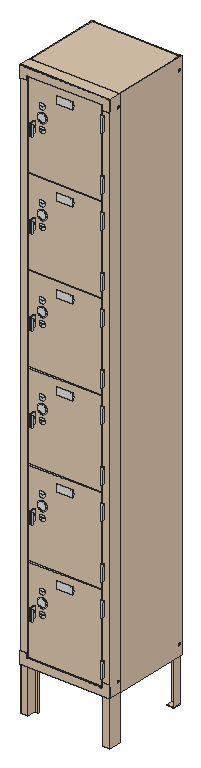
Revit family "Metal_Vented_Lockers-Salsbury_Industries-75000_76000_Series-1_Wide_Units", category Specialty Equipment, Revit 2024 (continued)
Definition of nested family "Metal Locker Legs"
  Forms (in)
    Extrusion 1, solid, material <- "Primary Structure Material", visible <- "Visible"
      sketch origin (0, 0, 0) x (0, -1, 0) y (1, 0, 0)
        loop
          line (7.417, 6.0035) -> (7.417, 5.9435) -> (8.945, 5.9435) -> (8.945, 5.0635) -> (7.76, 5.0635) -> (7.76, 4.5635) -> (7.82, 4.5635) -> (7.82, 5.0035) -> (9.005, 5.0035) -> (9.005, 6.0035) -> (7.417, 6.0035)
      from 0 to 6
    Extrusion 2, solid, material <- "Primary Structure Material", visible <- "Visible"
      sketch origin (0, 0, 0) x (0, -1, 0) y (1, 0, 0)
        loop
          line (7.417, -6.0035) -> (9.005, -6.0035) -> (9.005, -5.0035) -> (7.82, -5.0035) -> (7.82, -4.5635) -> (7.76, -4.5635) -> (7.76, -5.0635) -> (8.945, -5.0635) -> (8.945, -5.9435) -> (7.417, -5.9435) -> (7.417, -6.0035)
      from 0 to 6
    Extrusion 3, solid, material <- "Primary Structure Material", visible <- "Visible"
      sketch origin (0, 0, 0) x (0, -1, 0) y (1, 0, 0)
        loop
          line (-8.895, 5.8835) -> (-8.895, 4.8835) -> (-8.835, 4.8835) -> (-8.835, 5.8235) -> (-7.895, 5.8235) -> (-7.895, 5.8835) -> (-8.895, 5.8835)
      from 0.06 to 6.185
    Extrusion 4, solid, material <- "Primary Structure Material", visible <- "Visible"
      sketch origin (0, 0, 0) x (0, -1, 0) y (1, 0, 0)
        loop
          line (-8.895, 5.8835) -> (-8.895, 4.8835) -> (-7.895, 4.8835) -> (-7.895, 5.8835) -> (-8.895, 5.8835)
      from 0 to 0.06
    Extrusion 5, solid, material <- "Primary Structure Material", visible <- "Visible"
      sketch origin (0, 0, 0) x (0, -1, 0) y (1, 0, 0)
        loop
          line (-8.895, -5.8835) -> (-7.895, -5.8835) -> (-7.895, -5.8235) -> (-8.835, -5.8235) -> (-8.835, -4.8835) -> (-8.895, -4.8835) -> (-8.895, -5.8835)
      from 0.06 to 6.185
    Extrusion 6, solid, material <- "Primary Structure Material", visible <- "Visible"
      sketch origin (0, 0, 0) x (0, -1, 0) y (1, 0, 0)
        loop
          line (-8.895, -5.8835) -> (-7.895, -5.8835) -> (-7.895, -4.8835) -> (-8.895, -4.8835) -> (-8.895, -5.8835)
      from 0 to 0.06
  Dimensions and locks (in)
    equal spacing: plane 6 "Left Side of Unit", plane 3 "Center (Left/Right)", plane 7 "Right Side of Unit"
    "Width": plane 6 "Left Side of Unit" to plane 7 "Right Side of Unit"
    "Height": plane 5 "Bottom of Unit" to plane 4 "Floor"
    equal spacing: plane 9 "Front of Unit", plane 1 "Center (Front/Back)", plane 8 "Back of Unit"
    "Depth": plane 9 "Front of Unit" to plane 8 "Back of Unit"
    plane 12 "Top of back legs" to plane 5 "Bottom of Unit" = 0.185"
    plane 6 "Left Side of Unit" to plane 11 "Left Side of Door Opening" = 1.000"
    plane 10 "Right Side of Door Opening" to plane 7 "Right Side of Unit" = 1.000"
    locked: plane 9 "Front of Unit" to plane 13 "Back Edge of Front Facing" at 1.588
    plane 11 "Left Side of Door Opening" to plane 14 "Inside Edge of Front Leg" = 0.440"
    plane 15 "Inside Edge of Right Leg" to plane 10 "Right Side of Door Opening" = 0.440"
    plane 9 "Front of Unit" to plane 16 = 1.185"
    plane 15 "Inside Edge of Right Leg" to plane 21 "Inside Edge or Rear Right Leg" to plane 10 "Right Side of Door Opening" to plane 18 "Right Edge of Rear Right Leg" to plane 7 "Right Side of Unit" = 0.320", 0.120", 0.880", 0.120"
    plane 6 "Left Side of Unit" to plane 19 "Left Edge or Rear Left Leg" to plane 11 "Left Side of Door Opening" to plane 22 "Inside Edge or Left Rear Leg" to plane 14 "Inside Edge of Front Leg" = 0.120", 0.880", 0.120", 0.320"
    plane 20 to plane 17 "Back Edge of Rear Legs" to plane 8 "Back of Unit" = 1.000", 0.110"
    aligned and locked: level to plane 2
    aligned and locked: Extrusion 3 to Extrusion 4
    aligned and locked: Extrusion 6 to Extrusion 5
    aligned and locked: Extrusion 3 to plane 18 "Right Edge of Rear Right Leg"
    aligned and locked: Extrusion 3 to plane 17 "Back Edge of Rear Legs"
    aligned and locked: Extrusion 5 to plane 19 "Left Edge or Rear Left Leg"
    aligned and locked: Extrusion 5 to plane 17 "Back Edge of Rear Legs"
    aligned and locked: Extrusion 2 to plane 5 "Bottom of Unit"
    aligned and locked: Extrusion 1 to plane 5 "Bottom of Unit"
    aligned and locked: Extrusion 3 to plane 12 "Top of back legs"
    aligned and locked: Extrusion 5 to plane 12 "Top of back legs"
  Automatic sketch dimensions
    plane 13 "Back Edge of Front Facing" to Extrusion 1 sketch curve = 0.000"
    Extrusion 1 sketch curve to plane 15 "Inside Edge of Right Leg" = 0.000"
    plane 16 to Extrusion 1 sketch curve = 0.000"
    Extrusion 1 sketch curve to plane 7 "Right Side of Unit" = 0.000"
    plane 9 "Front of Unit" to Extrusion 1 sketch curve = 0.000"
    Extrusion 1 sketch curve to plane 10 "Right Side of Door Opening" = 0.000"
    Extrusion 1 sketch curve to plane 16 = 0.060"
    Extrusion 1 sketch curve to plane 9 "Front of Unit" = 0.060"
    Extrusion 1 sketch curve to plane 10 "Right Side of Door Opening" = 0.060"
    plane 7 "Right Side of Unit" to Extrusion 1 sketch curve = 0.060"
    plane 13 "Back Edge of Front Facing" to Extrusion 2 sketch curve = 0.000"
    Extrusion 2 sketch curve to plane 14 "Inside Edge of Front Leg" = 0.000"
    plane 16 to Extrusion 2 sketch curve = 0.000"
    Extrusion 2 sketch curve to plane 6 "Left Side of Unit" = 0.000"
    plane 9 "Front of Unit" to Extrusion 2 sketch curve = 0.000"
    Extrusion 2 sketch curve to plane 11 "Left Side of Door Opening" = 0.000"
    plane 16 to Extrusion 2 sketch curve = 0.060"
    plane 9 "Front of Unit" to Extrusion 2 sketch curve = 0.060"
    Extrusion 2 sketch curve to plane 11 "Left Side of Door Opening" = 0.060"
    plane 6 "Left Side of Unit" to Extrusion 2 sketch curve = 0.060"
    plane 17 "Back Edge of Rear Legs" to Extrusion 3 sketch curve = 0.000"
    Extrusion 3 sketch curve to plane 21 "Inside Edge or Rear Right Leg" = 0.000"
    Extrusion 3 sketch curve to plane 18 "Right Edge of Rear Right Leg" = 0.000"
    plane 20 to Extrusion 3 sketch curve = 0.000"
    plane 17 "Back Edge of Rear Legs" to Extrusion 3 sketch curve = 0.060"
    plane 18 "Right Edge of Rear Right Leg" to Extrusion 3 sketch curve = 0.060"
    plane 17 "Back Edge of Rear Legs" to Extrusion 4 sketch curve = 0.000"
    Extrusion 4 sketch curve to plane 18 "Right Edge of Rear Right Leg" = 0.000"
    plane 20 to Extrusion 4 sketch curve = 0.000"
    Extrusion 4 sketch curve to plane 21 "Inside Edge or Rear Right Leg" = 0.000"
    plane 17 "Back Edge of Rear Legs" to Extrusion 5 sketch curve = 0.000"
    Extrusion 5 sketch curve to plane 22 "Inside Edge or Left Rear Leg" = 0.000"
    Extrusion 5 sketch curve to plane 19 "Left Edge or Rear Left Leg" = 0.000"
    plane 20 to Extrusion 5 sketch curve = 0.000"
    Extrusion 5 sketch curve to plane 17 "Back Edge of Rear Legs" = 0.060"
    Extrusion 5 sketch curve to plane 19 "Left Edge or Rear Left Leg" = 0.060"
    plane 17 "Back Edge of Rear Legs" to Extrusion 6 sketch curve = 0.000"
    Extrusion 6 sketch curve to plane 19 "Left Edge or Rear Left Leg" = 0.000"
    plane 20 to Extrusion 6 sketch curve = 0.000"
    Extrusion 6 sketch curve to plane 22 "Inside Edge or Left Rear Leg" = 0.000"
Definition of nested family "Vented Metal Locker Doors-12 inch with Latch Hasps"
  Parameters (values of type "Four Tier Door - 6 foot")
    Width = 9.901"
    Visible = yes
    Vent Array Spacing = 1.187"
    Vent Array 2 = if(Height = 17.360", 10, if(Height = 14.360", 8, if(Height = 11.532", 6, if(Height = 11.463", 6, 0))))  # 10
    Vent Array 1 = Vent Array 2  # 10
    Primary Structure Material = none
    Louver Set Vertical Alignment = 5.710"
    Number Plate Alignment = 0.9375"
    Louver Width = 4.000"
    Hinge 2 Placement = 14.142"
    Hinge 1 Placement = 1.125"
    Height = 17.360"
    Hasp Plate Rivet Material = none
    Hasp Height = 1.438"
    First Vent Placement = 2.875"
    Depth = 0.900"
    Default Elevation = 0.000"
  Types (4): name | Vent Array 2 | Vent Array 1 | Louver Set Vertical Alignment | Hinge 2 Placement | Height | First Vent Placement
    Six Tier Door - 6 foot | 6 | 6 | 2.731" | 8.449" | 11.532" | 2.3925"
    Five Tier Door - 5 foot | 6 | 6 | 2.826" | 8.188" | 11.463" | 2.3925"
    Four Tier Door - 6 foot | 10 | 10 | 5.710" | 14.142" | 17.360" | 2.875"
    Four Tier Door - 5 foot | 8 | 8 | 4.240" | 11.142" | 14.360" | 2.625"
  Reference planes (in)
    plane 1 "Center (Front/Back)": y = 0
    plane 2 "Bottom of Door": z = 0
    plane 3 "Center (Left/Right)": x = 0
    plane 4 "Center (Top/Bottom)": z = 8.68
    plane 5 "Top of Door": z = 17.36
    plane 6 "Right Side of Door": x = 4.9505
    plane 7 "Left Side of Door": x = -4.9505
    plane 8 "Front of Door": y = -0.45
    plane 9 "Back of Door": y = 0.45
    plane 10 "Top of Number Plate": z = 16.4225
    plane 11 "Top of Hasp Alignment": z = 9.399
    plane 12 "Bottom of Hasp Alignment": z = 7.961
    plane 13 "Left Side of Louvers": x = -2
    plane 14 "Right Side of Louvers": x = 2
    plane 15 "Front of Louvers": y = -0.6375
    plane 16: x = -1.094
    plane 17: x = 1.094
    plane 18: z = 15.4225
    plane 19 "Center Hasp": x = -1.7755
    plane 20 "Top of Hinge 2": z = 3.218
    plane 21 "Top of Hinge 1": z = 16.235
    plane 22 "Left Hasp Hole Align": x = -4.263
    plane 23 "Right Hasp Hole Align": x = -4.013
    plane 24 "Center Hasp Stud Align": z = 10.09841
    plane 25 "Top Hasp Stud Align": z = 11.51682
    plane 26 "Vertical Hasp Stud Align": x = -3.076
    plane 27 "Vertical Center Hasp Align": x = -4.13777
    plane 28: z = 2.875
    plane 29: z = 3.46558
    plane 30: z = 4.062
    plane 31: z = 4.65258
  Forms (in)
    Extrusion 1, solid, material <- "Primary Structure Material", visible <- "Visible"
      sketch origin (0, 0, 0) x (1, 0, 0) y (0, 0, 1)
        loop
          line (-4.9505, 17.36) -> (-4.9505, 0) -> (4.9505, 0) -> (4.9505, 17.36) -> (-4.9505, 17.36)
      from -0.45 to 0.45
    Extrusion 2, solid, material <- "Hasp Plate Rivet Material", visible <- "Visible", detail levels medium+fine
      sketch origin (0, -0.45, 0) x (1, 0, 0) y (0, 0, 1)
        loop
          arc (-1.06847, 16.38695) -> (-1.10166, 15.92421) -> (-1.06847, 15.46147) r 3.2426
          arc (-1.06847, 15.46147) -> (0, 15.42272) -> (1.06847, 15.46147) r 14.75
          arc (1.06847, 15.46147) -> (1.10166, 15.92421) -> (1.06847, 16.38695) r 3.2426
          arc (1.06847, 16.38695) -> (0, 16.41487) -> (-1.06847, 16.38695) r 20.45441
      from 0 to 0.03497
    Extrusion 3, void
      sketch origin (-1.7755, -0.13281, 0.04687) x (0, 0, -1) y (0, -1, 0)
        loop
          circle (-8.35677, -0.16411) r 0.2
      from -0.163 to 0.163
    Extrusion 4, solid, material <- "Primary Structure Material", visible <- "Visible", detail levels medium+fine
      sketch origin (0, 0, 16.235) x (0, -1, 0) y (1, 0, 0)
        loop
          line (0.45, 4.9505) -> (0.575, 4.9505)
          arc (0.575, 4.9505) -> (0.7, 5.0755) -> (0.575, 5.2005) r 0.125
          line (0.575, 5.2005) -> (0.45, 5.2005) -> (0.45, 4.9505)
      from 0 to -2
    Extrusion 5, solid, material <- "Primary Structure Material", visible <- "Visible", detail levels medium+fine
      sketch origin (0, 0, 3.218) x (0, -1, 0) y (1, 0, 0)
        loop
          line (0.45, 4.9505) -> (0.575, 4.9505)
          arc (0.575, 4.9505) -> (0.7, 5.0755) -> (0.575, 5.2005) r 0.125
          line (0.575, 5.2005) -> (0.45, 5.2005) -> (0.45, 4.9505)
      from 0 to -2
    Extrusion 6, void
      sketch origin (0, -0.45, 0) x (1, 0, 0) y (0, 0, 1)
        loop
          line (-4.263, 9.399) -> (-4.263, 7.961) -> (-4.013, 7.961) -> (-4.013, 9.399) -> (-4.263, 9.399)
      from -0.9 to 0
    Blend 7, solid, material <- "Hasp Plate Rivet Material", visible <- "Visible", detail levels fine
      base sketch origin (0, -0.45, 0) x (1, 0, 0) y (0, 0, 1)
        loop
          circle (-3.076, 8.68) r 0.375
      top sketch origin (0, -0.45, 0) x (1, 0, 0) y (0, 0, 1)
        loop
          circle (-3.076, 8.68) r 0.09706
      from 0 to 0.03497
    Blend 8, solid, material <- "Hasp Plate Rivet Material", visible <- "Visible", detail levels fine
      base sketch origin (0, -0.45, 2.83682) x (1, 0, 0) y (0, 0, 1)
        loop
          circle (-3.076, 8.68) r 0.375
      top sketch origin (0, -0.45, 2.83682) x (1, 0, 0) y (0, 0, 1)
        loop
          circle (-3.076, 8.68) r 0.09706
      from 0 to 0.03497
    Blend 9, solid, material <- "Hasp Plate Rivet Material", visible <- "Visible", detail levels fine
      base sketch origin (0, -0.45, -0.16841) x (1, 0, 0) y (0, 0, 1)
        loop
          circle (-3.076, 10.26682) r 0.625
      top sketch origin (0, -0.45, -0.16841) x (1, 0, 0) y (0, 0, 1)
        loop
          circle (-3.076, 10.26682) r 0.58088
      from 0 to 0.03497
    Extrusion 10, solid, material <- "Hasp Plate Rivet Material", visible <- "Visible", detail levels fine
      sketch origin (0, 0, 7.961) x (0, -1, 0) y (1, 0, 0)
        loop
          line (-0.45, -4.07527) -> (-0.45, -4.13777) -> (1.2, -4.13777)
          arc (1.2, -4.13777) -> (1.24419, -4.11946) -> (1.2625, -4.07527) r 0.0625
          line (1.2625, -4.07527) -> (1.2625, -3.76277) -> (1.20579, -3.76277) -> (1.20579, -4.0127)
          arc (1.20579, -4.0127) -> (1.18746, -4.05694) -> (1.14322, -4.07527) r 0.06257
          line (1.14322, -4.07527) -> (-0.45, -4.07527)
      from 0 to 1.438
    Extrusion 11, solid, material <- "Hasp Plate Rivet Material", visible <- "Visible", detail levels fine
      sketch origin (0, 0, 7.961) x (0, -1, 0) y (1, 0, 0)
        loop
          line (-0.45, -4.20027) -> (1.2625, -4.20027) -> (1.2625, -4.13777) -> (-0.45, -4.13777) -> (-0.45, -4.20027)
      from 0 to 1.438
    Extrusion 12, void
      sketch origin (-4.013, 0, 0) x (0, 0, -1) y (0, -1, 0)
        loop
          circle (-8.68, 0.82219) r 0.375
      from 0 to 0.25
  Cuts and joins
    Extrusion 3, Extrusion 6 cuts Extrusion 1
    Extrusion 12 cuts Extrusion 10
    Extrusion 12 cuts Extrusion 11
  Lines and regions (in)
    symbolic lines
      curve 1: line (-4.20027, -0.44719, 7.961) -> (-4.20027, -1.2625, 7.961)
      curve 2: line (-4.20027, -1.2625, 7.961) -> (-4.13777, -1.2625, 7.961)
      curve 3: line (-4.13777, -1.2625, 7.961) -> (-4.13777, -0.45, 7.961)
      curve 4: line (-4.07527, -0.44719, 7.961) -> (-4.07527, -1.14322, 7.961)
      curve 5: line (-4.0127, -1.20579, 7.961) -> (-3.76277, -1.20579, 7.961)
      curve 6: line (-3.76277, -1.20579, 7.961) -> (-3.76277, -1.2625, 7.961)
      curve 7: line (-3.76277, -1.2625, 7.961) -> (-4.07527, -1.2625, 7.961)
      curve 8: arc (-4.07527, -1.14322, 7.961) -> (-4.05694, -1.18746, 7.961) -> (-4.0127, -1.20579, 7.961) r 0.06257
      curve 9: arc (-4.07527, -1.2625, 7.961) -> (-4.11946, -1.24419, 7.961) -> (-4.13777, -1.2, 7.961) r 0.0625
      curve 10: line (-4.013, -0.45, 9.40058) -> (-4.013, -1.26256, 9.40058)
      curve 11: line (-4.013, -1.26256, 9.40058) -> (-4.013, -1.26256, 7.9612)
      curve 12: line (-4.013, -1.26256, 7.9612) -> (-4.013, -0.45309, 7.9612)
      curve 13: line (-4.263, -0.45, 9.399) -> (-4.20027, -0.45, 9.399)
      curve 14: line (-4.263, -0.45, 7.961) -> (-4.263, -0.45, 9.399)
      curve 15: line (-4.20027, -0.45, 7.961) -> (-4.263, -0.45, 7.961)
      curve 16: line (-4.20027, -0.45, 9.399) -> (-4.20027, -0.45, 7.961)
      curve 17: line (-4.20027, -0.45, 9.399) -> (-3.76277, -0.45, 9.399)
      curve 18: line (-4.20027, -0.45, 7.961) -> (-3.76277, -0.45, 7.961)
      curve 19: line (-3.76277, -0.45, 9.399) -> (-3.76277, -0.45, 7.961)
      curve 20: circle (-3.076, -0.45, 11.51682) r 0.371 normal (0, -1, 0)
      curve 21: circle (-3.076, -0.45, 8.68) r 0.375 normal (0, -1, 0)
      curve 22: circle (-3.076, -0.45, 10.09841) r 0.62368 normal (0, -1, 0)
      curve 23: line (-4.9505, -0.45, 17.36) -> (4.9505, -0.45, 17.36)
      curve 24: line (-4.9505, -0.45, 0) -> (-4.9505, -0.45, 17.36)
      curve 25: line (4.9505, -0.45, 0) -> (-4.9505, -0.45, 0)
      curve 26: line (4.9505, -0.45, 17.36) -> (4.9505, -0.45, 0)
  Dimensions and locks (in)
    equal spacing: plane 5 "Top of Door", plane 4 "Center (Top/Bottom)", plane 2 "Bottom of Door"
    "Height": plane 5 "Top of Door" to plane 2 "Bottom of Door"
    equal spacing: plane 8 "Front of Door", plane 1 "Center (Front/Back)", plane 9 "Back of Door"
    "Depth": plane 8 "Front of Door" to plane 9 "Back of Door"
    equal spacing: plane 7 "Left Side of Door", plane 3 "Center (Left/Right)", plane 6 "Right Side of Door"
    "Width": plane 7 "Left Side of Door" to plane 6 "Right Side of Door"
    "Number Plate Alignment": plane 5 "Top of Door" to plane 10 "Top of Number Plate" to plane 18
    equal spacing: plane 13 "Left Side of Louvers", plane 3 "Center (Left/Right)", plane 14 "Right Side of Louvers"
    "Louver Width": plane 13 "Left Side of Louvers" to plane 14 "Right Side of Louvers"
    plane 25 "Top Hasp Stud Align" to plane 24 "Center Hasp Stud Align" to plane 11 "Top of Hasp Alignment" to plane 4 "Center (Top/Bottom)" to plane 12 "Bottom of Hasp Alignment" = 1.41841", 0.69941", 0.719", 0.719"
    "Hasp Height": plane 11 "Top of Hasp Alignment" to plane 12 "Bottom of Hasp Alignment"
    locked: plane 15 "Front of Louvers" to plane 8 "Front of Door" at 0.1875
    plane 16 to plane 3 "Center (Left/Right)" to plane 17 = 1.094" locked, 1.094" locked
    "Hinge 1 Placement": plane 5 "Top of Door" to plane 21 "Top of Hinge 1"
    "Hinge 2 Placement": plane 5 "Top of Door" to plane 20 "Top of Hinge 2"
    plane 7 "Left Side of Door" to plane 22 "Left Hasp Hole Align" to plane 23 "Right Hasp Hole Align" to plane 26 "Vertical Hasp Stud Align" = 0.6875" locked, 0.250" locked, 0.937" locked
    equal spacing: group 1, group 2, group 3, group 4, group 5, group 6, group 13, group 14, group 15, group 16  (x3)
    equal spacing: group 7, group 8, group 9, group 10, group 11, group 12, group 17, group 18, group 19, group 20  (x3)
    "Vent Array Spacing": plane 30 to plane 28
    "First Vent Placement": plane 28 to plane 2 "Bottom of Door"
    "Vent Array Spacing": plane 31 to plane 29
    locked: plane 29 to plane 28 at 0.59058
    aligned and locked: level to plane 2 "Bottom of Door"
    aligned and locked: plane 5 "Top of Door" to Extrusion 1 sketch curve
    aligned and locked: Extrusion 1 sketch curve to plane 7 "Left Side of Door"
    aligned and locked: plane 2 "Bottom of Door" to Extrusion 1 sketch curve
    aligned and locked: plane 6 "Right Side of Door" to Extrusion 1 sketch curve
    aligned and locked: plane 11 "Top of Hasp Alignment" to Extrusion 6 sketch curve
    aligned and locked: Extrusion 6 sketch curve to plane 22 "Left Hasp Hole Align"
    aligned and locked: Extrusion 6 sketch curve to plane 12 "Bottom of Hasp Alignment"
    aligned and locked: plane 23 "Right Hasp Hole Align" to Extrusion 6 sketch curve
    aligned and locked: plane 25 "Top Hasp Stud Align" to Blend 8 sketch curve  (x2)
    aligned and locked: plane 4 "Center (Top/Bottom)" to Blend 7 sketch curve  (x2)
    aligned and locked: plane 24 "Center Hasp Stud Align" to Blend 9 sketch curve  (x2)
    aligned and locked: plane 27 "Vertical Center Hasp Align" to Extrusion 11 sketch curve
    aligned and locked: plane 27 "Vertical Center Hasp Align" to Extrusion 10 sketch curve
    aligned and locked: plane 4 "Center (Top/Bottom)" to Extrusion 12 sketch curve
    aligned and locked: plane 3 "Center (Left/Right)" to nested 1
    aligned and locked: plane 28 to nested 2
    aligned and locked: plane 29 to nested 1
    aligned and locked: plane 30 to nested 3
    aligned and locked: plane 31 to nested 8
    aligned and locked: curve 1 to cut or joined group of Extrusion 11, Extrusion 12
    aligned and locked: curve 2 to cut or joined group of Extrusion 11, Extrusion 12
    aligned and locked: curve 3 to cut or joined group of Extrusion 11, Extrusion 12
    aligned and locked: cut or joined group of Extrusion 10, Extrusion 12 to curve 4
    aligned and locked: curve 5 to cut or joined group of Extrusion 10, Extrusion 12
    aligned and locked: curve 6 to cut or joined group of Extrusion 10, Extrusion 12
    aligned and locked: curve 7 to cut or joined group of Extrusion 10, Extrusion 12
    aligned and locked: curve 10 to nested 12  (x2)
    aligned and locked: curve 13 to cut or joined group of Extrusion 1, Extrusion 3, Extrusion 6
    aligned and locked: curve 14 to cut or joined group of Extrusion 1, Extrusion 3, Extrusion 6
    aligned and locked: cut or joined group of Extrusion 11, Extrusion 12 to curve 15
    aligned and locked: curve 16 to cut or joined group of Extrusion 11, Extrusion 12
    aligned and locked: curve 13 to curve 17
    aligned and locked: curve 19 to cut or joined group of Extrusion 10, Extrusion 12
    aligned and locked: curve 23 to cut or joined group of Extrusion 1, Extrusion 3, Extrusion 6
    aligned and locked: curve 25 to cut or joined group of Extrusion 1, Extrusion 3, Extrusion 6
    aligned and locked: curve 26 to cut or joined group of Extrusion 1, Extrusion 3, Extrusion 6
  Automatic sketch dimensions
    Extrusion 2 sketch curve to plane 3 "Center (Left/Right)" = 0.000"  (x2)
    plane 13 "Left Side of Louvers" to Extrusion 2 sketch curve = 0.14094"
    Extrusion 2 sketch curve to plane 14 "Right Side of Louvers" = 0.14094"
    Extrusion 2 sketch curve to level = 4.03954"
    plane 21 "Top of Hinge 1" to Extrusion 2 sketch curve = 0.31079"  (x2)
    Extrusion 2 sketch curve to plane 5 "Top of Door" = 12.81272"
    Extrusion 2 sketch curve to plane 16 = 0.02553"  (x2)
    plane 17 to Extrusion 2 sketch curve = 0.02553"
    Extrusion 2 sketch curve to plane 18 = 0.03897"
    Extrusion 3 sketch curve to plane 1 "Center (Front/Back)" = 0.0313"
    Extrusion 4 sketch curve to plane 6 "Right Side of Door" = 0.000"
    plane 8 "Front of Door" to Extrusion 4 sketch curve = 0.000"
    Extrusion 4 sketch curve to plane 15 "Front of Louvers" = 0.0625"
    Extrusion 4 sketch curve to plane 6 "Right Side of Door" = 0.125"
    Extrusion 5 sketch curve to plane 6 "Right Side of Door" = 0.000"
    plane 8 "Front of Door" to Extrusion 5 sketch curve = 0.000"
    Extrusion 5 sketch curve to plane 15 "Front of Louvers" = 0.0625"
    Extrusion 5 sketch curve to plane 6 "Right Side of Door" = 0.125"
    plane 26 "Vertical Hasp Stud Align" to Blend 7 sketch curve = 0.000"  (x2)
    plane 26 "Vertical Hasp Stud Align" to Blend 8 sketch curve = 0.000"  (x2)
    plane 26 "Vertical Hasp Stud Align" to Blend 9 sketch curve = 0.000"  (x2)
    Extrusion 10 sketch curve to plane 1 "Center (Front/Back)" = 0.450"
    plane 23 "Right Hasp Hole Align" to Extrusion 10 sketch curve = 0.06227"
    Extrusion 10 sketch curve to plane 23 "Right Hasp Hole Align" = 0.0003"
    plane 15 "Front of Louvers" to Extrusion 10 sketch curve = 0.50572"
    Extrusion 10 sketch curve to Extrusion 10 sketch curve = 0.05678"
    Extrusion 10 sketch curve to Extrusion 10 sketch curve = 0.24993"
    plane 9 "Back of Door" to Extrusion 11 sketch curve = 0.000"
    plane 15 "Front of Louvers" to Extrusion 11 sketch curve = 0.625"
    Extrusion 11 sketch curve to plane 22 "Left Hasp Hole Align" = 0.06273"
    Extrusion 10 sketch curve to Extrusion 10 sketch curve = 0.06257"
    plane 15 "Front of Louvers" to Extrusion 12 sketch curve = 0.18469"
    plane 4 "Center (Top/Bottom)" to Extrusion 3 sketch curve = 0.27635"
    plane 8 "Front of Door" to curve 3 = 0.000"
    curve 8 to plane 23 "Right Hasp Hole Align" = 0.0003"
    curve 9 to curve 4 = 0.000"
    curve 1 to plane 8 "Front of Door" = 0.00281"
    curve 4 to plane 8 "Front of Door" = 0.00281"
    plane 15 "Front of Louvers" to curve 11 = 0.62506"
    curve 12 to plane 12 "Bottom of Hasp Alignment" = 0.0002"
    plane 8 "Front of Door" to curve 12 = 0.00309"
    plane 7 "Left Side of Door" to curve 24 = 0.000"
    curve 22 to plane 24 "Center Hasp Stud Align" = 0.000"
    plane 26 "Vertical Hasp Stud Align" to curve 22 = 0.000"
    curve 21 to plane 4 "Center (Top/Bottom)" = 0.000"
    plane 26 "Vertical Hasp Stud Align" to curve 21 = 0.000"
    curve 20 to plane 25 "Top Hasp Stud Align" = 0.000"
    plane 26 "Vertical Hasp Stud Align" to curve 20 = 0.000"
    radius of Extrusion 3 sketch curve = 0.200"
    radius of Blend 7 sketch curve = 0.375"
    radius of Blend 7 sketch curve = 0.09706"
    radius of Blend 8 sketch curve = 0.375"
    radius of Blend 8 sketch curve = 0.09706"
    radius of Blend 9 sketch curve = 0.625"
    radius of Blend 9 sketch curve = 0.58088"
    radius of Extrusion 12 sketch curve = 0.375"
    radius of curve 20 = 0.371"
    radius of curve 21 = 0.375"
    radius of curve 22 = 0.62368"
  Nested families (in)
    nested 1: "Vents - Horizontal 3" at (0, -0.45, -61.80738), type "Vents - Horizontal 3"
    nested 2: "Vents - Horizontal 2" at (2.6043, -0.45, -60.66388), type "Vents - Horizontal 2"
    nested 3: "Vents - Horizontal 2" at (2.6043, -0.45, -59.47688), type "Vents - Horizontal 2"
    nested 4: "Vents - Horizontal 2" at (2.6043, -0.45, -58.28988), type "Vents - Horizontal 2"
    nested 5: "Vents - Horizontal 2" at (2.6043, -0.45, -57.10288), type "Vents - Horizontal 2"
    nested 6: "Vents - Horizontal 2" at (2.6043, -0.45, -55.91588), type "Vents - Horizontal 2"
    nested 7: "Vents - Horizontal 2" at (2.6043, -0.45, -54.72888), type "Vents - Horizontal 2"
    nested 8: "Vents - Horizontal 3" at (0, -0.45, -60.62038), type "Vents - Horizontal 3"
    nested 9: "Vents - Horizontal 3" at (0, -0.45, -59.43338), type "Vents - Horizontal 3"
    nested 10: "Vents - Horizontal 3" at (0, -0.45, -58.24638), type "Vents - Horizontal 3"
    nested 11: "Vents - Horizontal 3" at (0, -0.45, -57.05938), type "Vents - Horizontal 3"
    nested 12: "Vents - Horizontal 3" at (0, -0.45, -55.87238), type "Vents - Horizontal 3"
    nested 13: "Vents - Horizontal 2" at (2.6043, -0.45, -53.54188), type "Vents - Horizontal 2"
    nested 14: "Vents - Horizontal 2" at (2.6043, -0.45, -52.35488), type "Vents - Horizontal 2"
    nested 15: "Vents - Horizontal 2" at (2.6043, -0.45, -51.16788), type "Vents - Horizontal 2"
    nested 16: "Vents - Horizontal 2" at (2.6043, -0.45, -49.98088), type "Vents - Horizontal 2"
    nested 17: "Vents - Horizontal 3" at (0, -0.45, -54.68538), type "Vents - Horizontal 3"
    nested 18: "Vents - Horizontal 3" at (0, -0.45, -53.49838), type "Vents - Horizontal 3"
    nested 19: "Vents - Horizontal 3" at (0, -0.45, -52.31138), type "Vents - Horizontal 3"
    nested 20: "Vents - Horizontal 3" at (0, -0.45, -51.12438), type "Vents - Horizontal 3"
  Definition of nested family "Vents - Horizontal 3"
    Parameters (values of type "Vents - Horizontal 3")
      Default Elevation = 0.000"
    Reference planes (in)
      plane 1 "Center (Front/Back)": y = 0
      plane 2: z = 0
      plane 3 "Center (Left/Right)": x = 0
    Lines and regions (in)
      model lines
        curve 1: spline (1.08625, 0, 65.3981) -> (1.05712, 0, 65.3804) -> (1.03269, 0, 65.36106) -> (1.01334, 0, 65.34039) -> (0.99936, 0, 65.31871) -> (0.99096, 0, 65.29635) -> (0.98829, 0, 65.27365) -> (0.99137, 0, 65.25097) -> (1.00016, 0, 65.22864) -> (1.01452, 0, 65.20702) -> (1.03424, 0, 65.18644) -> (1.05902, 0, 65.16721) -> (1.08846, 0, 65.14963)
        curve 2: line (1.08625, 0, 65.3981) -> (1.73835, 0, 65.64972)
        curve 3: line (1.08846, 0, 65.14963) -> (1.73762, 0, 64.89923)
        curve 4: spline (2.39008, 0, 65.39825) -> (2.41937, 0, 65.38053) -> (2.44394, 0, 65.36117) -> (2.46341, 0, 65.34048) -> (2.47747, 0, 65.31876) -> (2.48591, 0, 65.29637) -> (2.4886, 0, 65.27363) -> (2.4855, 0, 65.25091) -> (2.47665, 0, 65.22855) -> (2.46219, 0, 65.2069) -> (2.44234, 0, 65.18629) -> (2.41742, 0, 65.16704) -> (2.3878, 0, 65.14945)
        curve 5: line (2.39008, 0, 65.39825) -> (1.73835, 0, 65.64972)
        curve 6: line (2.3878, 0, 65.14945) -> (1.73762, 0, 64.89923)
        curve 13: spline (-0.65075, 0, 65.3981) -> (-0.67988, 0, 65.3804) -> (-0.70431, 0, 65.36106) -> (-0.72366, 0, 65.34039) -> (-0.73764, 0, 65.31871) -> (-0.74604, 0, 65.29635) -> (-0.74871, 0, 65.27365) -> (-0.74563, 0, 65.25097) -> (-0.73684, 0, 65.22864) -> (-0.72248, 0, 65.20702) -> (-0.70276, 0, 65.18644) -> (-0.67798, 0, 65.16721) -> (-0.64854, 0, 65.14963)
        curve 14: line (-0.65075, 0, 65.3981) -> (0.00135, 0, 65.64972)
        curve 15: line (-0.64854, 0, 65.14963) -> (0.00062, 0, 64.89923)
        curve 16: spline (0.65308, 0, 65.39825) -> (0.68237, 0, 65.38053) -> (0.70694, 0, 65.36117) -> (0.72641, 0, 65.34048) -> (0.74047, 0, 65.31876) -> (0.74891, 0, 65.29637) -> (0.7516, 0, 65.27363) -> (0.7485, 0, 65.25091) -> (0.73965, 0, 65.22855) -> (0.72519, 0, 65.2069) -> (0.70534, 0, 65.18629) -> (0.68042, 0, 65.16704) -> (0.6508, 0, 65.14945)
        curve 17: line (0.65308, 0, 65.39825) -> (0.00135, 0, 65.64972)
        curve 18: line (0.6508, 0, 65.14945) -> (0.00062, 0, 64.89923)
        curve 19: spline (-2.38775, 0, 65.3981) -> (-2.41688, 0, 65.3804) -> (-2.44131, 0, 65.36106) -> (-2.46066, 0, 65.34039) -> (-2.47464, 0, 65.31871) -> (-2.48304, 0, 65.29635) -> (-2.48571, 0, 65.27365) -> (-2.48263, 0, 65.25097) -> (-2.47384, 0, 65.22864) -> (-2.45948, 0, 65.20702) -> (-2.43976, 0, 65.18644) -> (-2.41498, 0, 65.16721) -> (-2.38554, 0, 65.14963)
        curve 20: line (-2.38775, 0, 65.3981) -> (-1.73565, 0, 65.64972)
        curve 21: line (-2.38554, 0, 65.14963) -> (-1.73638, 0, 64.89923)
        curve 22: spline (-1.08392, 0, 65.39825) -> (-1.05463, 0, 65.38053) -> (-1.03006, 0, 65.36117) -> (-1.01059, 0, 65.34048) -> (-0.99653, 0, 65.31876) -> (-0.98809, 0, 65.29637) -> (-0.9854, 0, 65.27363) -> (-0.9885, 0, 65.25091) -> (-0.99735, 0, 65.22855) -> (-1.01181, 0, 65.2069) -> (-1.03166, 0, 65.18629) -> (-1.05658, 0, 65.16704) -> (-1.0862, 0, 65.14945)
        curve 23: line (-1.08392, 0, 65.39825) -> (-1.73565, 0, 65.64972)
        curve 24: line (-1.0862, 0, 65.14945) -> (-1.73638, 0, 64.89923)
      model lines, not visible
        curve 7: spline (6.02, -6.45464, 72.16015) -> (6.02, -6.43694, 72.13102) -> (6.02, -6.4176, 72.10659) -> (6.02, -6.39694, 72.08724) -> (6.02, -6.37525, 72.07326) -> (6.02, -6.35289, 72.06486) -> (6.02, -6.33019, 72.06219) -> (6.02, -6.30751, 72.06527) -> (6.02, -6.28518, 72.07406) -> (6.02, -6.26356, 72.08842) -> (6.02, -6.24298, 72.10814) -> (6.02, -6.22375, 72.13292) -> (6.02, -6.20617, 72.16236)
        curve 8: line (6.02, -6.45464, 72.16015) -> (6.02, -6.70626, 72.81225)
        curve 9: line (6.02, -6.20617, 72.16236) -> (6.02, -5.95577, 72.81152)
        curve 10: spline (6.02, -6.45479, 73.46398) -> (6.02, -6.43707, 73.49327) -> (6.02, -6.41771, 73.51784) -> (6.02, -6.39702, 73.53731) -> (6.02, -6.3753, 73.55137) -> (6.02, -6.35291, 73.55981) -> (6.02, -6.33017, 73.5625) -> (6.02, -6.30745, 73.5594) -> (6.02, -6.28509, 73.55055) -> (6.02, -6.26344, 73.53609) -> (6.02, -6.24283, 73.51624) -> (6.02, -6.22359, 73.49132) -> (6.02, -6.20599, 73.4617)
        curve 11: line (6.02, -6.45479, 73.46398) -> (6.02, -6.70626, 72.81225)
        curve 12: line (6.02, -6.20599, 73.4617) -> (6.02, -5.95577, 72.81152)
      reference lines
        curve 25: line (-2.54644, 0, 65.27296) -> (2.54933, 0, 65.27296)
    Dimensions and locks (in)
      equal spacing: group 4, group 3, group 2  (x2)
      equal spacing: group 2, group 3, group 4
      aligned and locked: level to plane 2
  Definition of nested family "Vents - Horizontal 2"
    Parameters (values of type "Vents - Horizontal 2")
      Default Elevation = 0.000"
    Reference planes (in)
      plane 1 "Center (Front/Back)": y = 0
      plane 2: z = 0
      plane 3 "Center (Left/Right)": x = 0
    Lines and regions (in)
      model lines
        curve 1: spline (-2.82036, 0, 63.41385) -> (-2.79123, 0, 63.43156) -> (-2.7668, 0, 63.45089) -> (-2.74745, 0, 63.47156) -> (-2.73347, 0, 63.49324) -> (-2.72507, 0, 63.5156) -> (-2.72239, 0, 63.5383) -> (-2.72547, 0, 63.56099) -> (-2.73427, 0, 63.58331) -> (-2.74863, 0, 63.60493) -> (-2.76835, 0, 63.62552) -> (-2.79312, 0, 63.64475) -> (-2.82257, 0, 63.66233)
        curve 2: line (-2.82036, 0, 63.41385) -> (-3.47246, 0, 63.16223)
        curve 3: line (-2.82257, 0, 63.66233) -> (-3.47173, 0, 63.91272)
        curve 4: spline (-4.12419, 0, 63.41371) -> (-4.15348, 0, 63.43143) -> (-4.17805, 0, 63.45078) -> (-4.19752, 0, 63.47148) -> (-4.21158, 0, 63.49319) -> (-4.22002, 0, 63.51559) -> (-4.22271, 0, 63.53832) -> (-4.21961, 0, 63.56104) -> (-4.21076, 0, 63.5834) -> (-4.1963, 0, 63.60505) -> (-4.17645, 0, 63.62566) -> (-4.15153, 0, 63.64491) -> (-4.12191, 0, 63.6625)
        curve 5: line (-4.12419, 0, 63.41371) -> (-3.47246, 0, 63.16223)
        curve 6: line (-4.12191, 0, 63.6625) -> (-3.47173, 0, 63.91272)
        curve 13: spline (-1.08336, 0, 63.41385) -> (-1.05423, 0, 63.43156) -> (-1.0298, 0, 63.45089) -> (-1.01045, 0, 63.47156) -> (-0.99647, 0, 63.49324) -> (-0.98807, 0, 63.5156) -> (-0.98539, 0, 63.5383) -> (-0.98847, 0, 63.56099) -> (-0.99727, 0, 63.58331) -> (-1.01163, 0, 63.60493) -> (-1.03135, 0, 63.62552) -> (-1.05612, 0, 63.64475) -> (-1.08557, 0, 63.66233)
        curve 14: line (-1.08336, 0, 63.41385) -> (-1.73546, 0, 63.16223)
        curve 15: line (-1.08557, 0, 63.66233) -> (-1.73473, 0, 63.91272)
        curve 16: spline (-2.38719, 0, 63.41371) -> (-2.41648, 0, 63.43143) -> (-2.44105, 0, 63.45078) -> (-2.46052, 0, 63.47148) -> (-2.47458, 0, 63.49319) -> (-2.48302, 0, 63.51559) -> (-2.48571, 0, 63.53832) -> (-2.48261, 0, 63.56104) -> (-2.47376, 0, 63.5834) -> (-2.4593, 0, 63.60505) -> (-2.43945, 0, 63.62566) -> (-2.41453, 0, 63.64491) -> (-2.38491, 0, 63.6625)
        curve 17: line (-2.38719, 0, 63.41371) -> (-1.73546, 0, 63.16223)
        curve 18: line (-2.38491, 0, 63.6625) -> (-1.73473, 0, 63.91272)
      model lines, not visible
        curve 7: spline (6.02, -6.45464, 72.16015) -> (6.02, -6.43694, 72.13102) -> (6.02, -6.4176, 72.10659) -> (6.02, -6.39694, 72.08724) -> (6.02, -6.37525, 72.07326) -> (6.02, -6.35289, 72.06486) -> (6.02, -6.33019, 72.06219) -> (6.02, -6.30751, 72.06527) -> (6.02, -6.28518, 72.07406) -> (6.02, -6.26356, 72.08842) -> (6.02, -6.24298, 72.10814) -> (6.02, -6.22375, 72.13292) -> (6.02, -6.20617, 72.16236)
        curve 8: line (6.02, -6.45464, 72.16015) -> (6.02, -6.70626, 72.81225)
        curve 9: line (6.02, -6.20617, 72.16236) -> (6.02, -5.95577, 72.81152)
        curve 10: spline (6.02, -6.45479, 73.46398) -> (6.02, -6.43707, 73.49327) -> (6.02, -6.41771, 73.51784) -> (6.02, -6.39702, 73.53731) -> (6.02, -6.3753, 73.55137) -> (6.02, -6.35291, 73.55981) -> (6.02, -6.33017, 73.5625) -> (6.02, -6.30745, 73.5594) -> (6.02, -6.28509, 73.55055) -> (6.02, -6.26344, 73.53609) -> (6.02, -6.24283, 73.51624) -> (6.02, -6.22359, 73.49132) -> (6.02, -6.20599, 73.4617)
        curve 11: line (6.02, -6.45479, 73.46398) -> (6.02, -6.70626, 72.81225)
        curve 12: line (6.02, -6.20599, 73.4617) -> (6.02, -5.95577, 72.81152)
      reference lines
        curve 19: line (-4.25866, 0, 63.53888) -> (-0.94723, 0, 63.53888)
    Dimensions and locks (in)
      group 2 to group 3 = 1.737"
      group 2 to group 3 = 0.000"  (x2)
      aligned and locked: level to plane 2
Definition of nested family "Metal Locker Front Base"
  Parameters (values of type "77742 - for 12" W Lockers with Legs")
    Width = 10.040"
    Visible [instance] = yes
    Version = "1.0 (11/30/15)"
    Type Comments = "Front Base for Standard Metal Lockers"
    Primary Structure Material = none
    Model = "77742"
    MasterFormat Title = ""
    MasterFormat Number = ""
    Manufacturer = "Salsbury Industries"
    Description = "Front Base for 12\" Wide Lockers"
    Depth = 1.185"
    Height = 6.000"
    Default Elevation = 0.000"
    Assembly Code = ""
  Types (3): name | Width | Visible | Model | Description
    77742 - for 12" W Lockers with Legs | 10.040" | yes | "77742" | "Front Base for 12\" Wide Lockers"
    77745 - for 15" W Lockers with Legs | 13.040" | yes | "77745" | "Front Base for 15\" Wide Lockers"
    None | 10.040" | no | "77742" | "Front Base for 12\" Wide Lockers"
  Reference planes (in)
    plane 1 "Center (Front/Back)": y = -5.417
    plane 2: z = 0
    plane 3 "Center (Left/Right)": x = 0
    plane 4 "Floor": z = 0
    plane 5 "Top of Enclosure": z = 6
    plane 6 "Front of Enclosure": y = -6.005
    plane 7 "Right Side of Enclosure": x = 5.02
    plane 8 "Left Side of Enclosure": x = -5.02
    plane 9 "Back of Enclosure": y = -4.82
  Forms (in)
    Extrusion 1, solid, material <- "Primary Structure Material", visible <- "Visible"
      sketch origin (0, -6.005, 0) x (1, 0, 0) y (0, 0, 1)
        loop
          line (-5.02, 6) -> (-5.02, 0) -> (5.02, 0) -> (5.02, 6) -> (-5.02, 6)
      from -0.06 to 0
    Extrusion 2, solid, material <- "Primary Structure Material", visible <- "Visible"
      sketch origin (0, 0, 0) x (0, 1, 0) y (0, 0, 1)
        loop
          line (-5.945, 6) -> (-5.945, 5.94) -> (-4.82, 5.94) -> (-4.82, 6) -> (-5.945, 6)
      from -5.02 to 5.02
    Extrusion 3, solid, material <- "Primary Structure Material", visible <- "Visible"
      sketch origin (5.02, 0, 0) x (0, 0, -1) y (0, -1, 0)
        loop
          line (-5.75, 5.945) -> (-5.75, 4.82) -> (-0.25, 4.82) -> (-0.25, 5.945) -> (-5.75, 5.945)
      from 0 to 0.06
    Extrusion 4, solid, material <- "Primary Structure Material", visible <- "Visible"
      sketch origin (-5.02, 0, 0) x (0, 0, -1) y (0, -1, 0)
        loop
          line (-5.75, 5.945) -> (-5.75, 4.82) -> (-0.25, 4.82) -> (-0.25, 5.945) -> (-5.75, 5.945)
      from 0 to -0.06
  Dimensions and locks (in)
    "Height": plane 5 "Top of Enclosure" to plane 4 "Floor"
    plane 6 "Front of Enclosure" to plane 1 "Center (Front/Back)" = 0.588"
    "Depth": plane 6 "Front of Enclosure" to plane 9 "Back of Enclosure"
    equal spacing: plane 8 "Left Side of Enclosure", plane 3 "Center (Left/Right)", plane 7 "Right Side of Enclosure"
    "Width": plane 8 "Left Side of Enclosure" to plane 7 "Right Side of Enclosure"
    aligned and locked: level to plane 2
    aligned and locked: plane 8 "Left Side of Enclosure" to Extrusion 2
    aligned and locked: Extrusion 2 to plane 7 "Right Side of Enclosure"
    aligned and locked: Extrusion 1 to plane 7 "Right Side of Enclosure"
  Automatic sketch dimensions
    Extrusion 1 sketch curve to Extrusion 1 sketch curve = 10.040"
    Extrusion 1 sketch curve to Extrusion 1 sketch curve = 6.000"
    Extrusion 2 sketch curve to Extrusion 2 sketch curve = 1.125"
    Extrusion 2 sketch curve to Extrusion 2 sketch curve = 0.060"
    Extrusion 3 sketch curve to Extrusion 3 sketch curve = 5.500"
    Extrusion 3 sketch curve to Extrusion 3 sketch curve = 1.125"
    Extrusion 4 sketch curve to Extrusion 4 sketch curve = 5.500"
    Extrusion 4 sketch curve to Extrusion 4 sketch curve = 1.125"
    Extrusion 1 sketch curve to level = 0.000"
    plane 8 "Left Side of Enclosure" to Extrusion 1 sketch curve = 0.000"
    plane 5 "Top of Enclosure" to Extrusion 2 sketch curve = 0.000"
    Extrusion 2 sketch curve to plane 9 "Back of Enclosure" = 0.000"
    Extrusion 3 sketch curve to plane 9 "Back of Enclosure" = 0.000"
    plane 5 "Top of Enclosure" to Extrusion 3 sketch curve = 0.250"
    Extrusion 4 sketch curve to plane 9 "Back of Enclosure" = 0.000"
    plane 5 "Top of Enclosure" to Extrusion 4 sketch curve = 0.250"
Definition of nested family "Metal Locker Right Side Base"
  Parameters (values of type "77732 Right - for 12" D Lockers with Legs")
    Width including Rivet [instance] = 1.290"
    Visible = yes
    Primary Structure Material = none
    Depth = 10.422"
    Version = "1.0 (11/30/15)"
    Type Comments = "End Base for Standard Metal Lockers"
    Model = "77732"
    MasterFormat Title = ""
    MasterFormat Number = ""
    Manufacturer = "Salsbury Industries"
    Description = "1.25\"W x 6\" H x 10\"D"
    Width = 1.250"
    Height = 6.000"
    Default Elevation = 0.000"
    Assembly Code = ""
  Types (4): name | Visible | Depth | Model | Description
    77732 Right - for 12" D Lockers with Legs | yes | 10.422" | "77732" | "1.25\"W x 6\" H x 10\"D"
    77735 Right - for 15" D Lockers with Legs | yes | 13.422" | "77735" | "1.25\"W x 6\" H x 13\"D"
    77738 Right - for 18" D Lockers with Legs | yes | 16.422" | "77738" | "1.25\"W x 6\" H x 16\"D"
    None | no | 10.422" | "" | ""
  Reference planes (in)
    plane 1 "Center (Front/Back)": y = 0
    plane 2: z = 0
    plane 3 "Center (Left/Right)": x = 5.395
    plane 4 "Floor": z = 0
    plane 5 "Top of Enclosure": z = 6
    plane 6 "Left Side of Unit": x = 4.77
    plane 7 "Right Side of Unit": x = 6.02
    plane 8 "Left Edge of Enclosure": y = -5.211
    plane 9 "Right Edge of Enclosure": y = 5.211
    plane 10 "Left Edge of Insert": y = -6.27647
    plane 11 "Right Edge of Insert": y = -5.15147
    plane 12 "Rivet Edge": x = 6.06
  Forms (in)
    Extrusion 1, solid, material <- "Primary Structure Material", visible <- "Visible"
      sketch origin (6.02, 0, 0) x (0, 0, -1) y (0, -1, 0)
        loop
          line (-6, 5.211) -> (-6, -5.211) -> (0, -5.211) -> (0, 5.211) -> (-6, 5.211)
      from 0 to 0.06
    Extrusion 2, solid, material <- "Primary Structure Material", visible <- "Visible"
      sketch origin (0, 0, 6) x (0, -1, 0) y (1, 0, 0)
        loop
          line (5.15147, 5.96) -> (5.15147, 5.9) -> (6.27647, 5.9) -> (6.27647, 5.96) -> (5.15147, 5.96)
      from -6 to 0
    Extrusion 3, solid, material <- "Primary Structure Material", visible <- "Visible"
      sketch origin (6.02, 0, 0) x (0, 0, -1) y (0, -1, 0)
        loop
          line (-6, 4.90147) -> (-6, -3.961) -> (-5.94, -3.961) -> (-5.94, 4.90147) -> (-6, 4.90147)
      from 0.06 to 1.25
    Extrusion 4, solid, material <- "Primary Structure Material", visible <- "Visible"
      sketch origin (6.02, 0, -5.94) x (0, 0, -1) y (0, -1, 0)
        loop
          line (-6, 4.90147) -> (-6, -3.961) -> (-5.94, -3.961) -> (-5.94, 4.90147) -> (-6, 4.90147)
      from 0.06 to 1.25
  Dimensions and locks (in)
    "Height": plane 5 "Top of Enclosure" to plane 4 "Floor"
    plane 10 "Left Edge of Insert" to plane 8 "Left Edge of Enclosure" to plane 11 "Right Edge of Insert" = 1.06547" locked, 0.05953" locked
    equal spacing: plane 8 "Left Edge of Enclosure", plane 1 "Center (Front/Back)", plane 9 "Right Edge of Enclosure"
    "Depth": plane 8 "Left Edge of Enclosure" to plane 9 "Right Edge of Enclosure"
    equal spacing: plane 6 "Left Side of Unit", plane 3 "Center (Left/Right)", plane 7 "Right Side of Unit"
    "Width": plane 6 "Left Side of Unit" to plane 7 "Right Side of Unit"
    locked: plane 7 "Right Side of Unit" to plane 12 "Rivet Edge" at 0.04
    "Width including Rivet": plane 6 "Left Side of Unit" to plane 12 "Rivet Edge"
    aligned and locked: level to plane 2
    aligned and locked: plane 11 "Right Edge of Insert" to Extrusion 2
    aligned and locked: plane 10 "Left Edge of Insert" to Extrusion 2
    aligned and locked: Extrusion 3 to Extrusion 1
    aligned and locked: plane 6 "Left Side of Unit" to Extrusion 3
  Automatic sketch dimensions
    plane 5 "Top of Enclosure" to Extrusion 1 sketch curve = 0.000"
    Extrusion 1 sketch curve to level = 0.000"
    Extrusion 2 sketch curve to plane 8 "Left Edge of Enclosure" = 0.05953"
    plane 7 "Right Side of Unit" to Extrusion 2 sketch curve = 0.120"
    Extrusion 2 sketch curve to Extrusion 2 sketch curve = 0.060"
    Extrusion 1 sketch curve to plane 8 "Left Edge of Enclosure" = 0.000"
    Extrusion 1 sketch curve to plane 9 "Right Edge of Enclosure" = 0.000"
    plane 10 "Left Edge of Insert" to Extrusion 2 sketch curve = 0.000"
    plane 5 "Top of Enclosure" to Extrusion 3 sketch curve = 0.000"
    Extrusion 3 sketch curve to Extrusion 3 sketch curve = 0.060"
    plane 9 "Right Edge of Enclosure" to Extrusion 3 sketch curve = 1.250"
    Extrusion 3 sketch curve to plane 11 "Right Edge of Insert" = 0.250"
    Extrusion 4 sketch curve to level = 0.000"
    level to Extrusion 4 sketch curve = 0.060"
    plane 9 "Right Edge of Enclosure" to Extrusion 4 sketch curve = 1.250"
    Extrusion 4 sketch curve to plane 11 "Right Edge of Insert" = 0.250"
Definition of nested family "Metal Locker Left Side Base"
  Parameters (values of type "77732 Left - for 12" D Lockers with Legs")
    Width including Rivet [instance] = 1.290"
    Visible = yes
    Primary Structure Material = none
    Depth = 10.422"
    Version = "1.0 (11/30/15)"
    Type Comments = "End Base for Standard Metal Lockers"
    Model = "77732"
    MasterFormat Title = ""
    MasterFormat Number = ""
    Manufacturer = "Salsbury Industries"
    Description = "1.25\"W x 6\" H x 10\"D"
    Width = 1.250"
    Height = 6.000"
    Default Elevation = 0.000"
    Assembly Code = ""
  Types (4): name | Visible | Depth | Model | Description
    77732 Left - for 12" D Lockers with Legs | yes | 10.422" | "77732" | "1.25\"W x 6\" H x 10\"D"
    77735 Left - for 15" D Lockers with Legs | yes | 13.422" | "77735" | "1.25\"W x 6\" H x 13\"D"
    77738 Left - for 18" D Lockers with Legs | yes | 16.422" | "77738" | "1.25\"W x 6\" H x 16\"D"
    None | no | 10.422" | "" | ""
  Reference planes (in)
    plane 1 "Center (Front/Back)": y = 0
    plane 2: z = 0
    plane 3 "Center (Left/Right)": x = 5.395
    plane 4 "Floor": z = 0
    plane 5 "Top of Enclosure": z = 6
    plane 6 "Left Side of Unit": x = 4.77
    plane 7 "Right Side of Unit": x = 6.02
    plane 8 "Left Edge of Enclosure": y = -5.211
    plane 9 "Right Edge of Enclosure": y = 5.211
    plane 10 "Left Edge of Insert": y = -6.27647
    plane 11 "Right Edge of Insert": y = -5.15147
    plane 12 "Edge of Rivet": x = 4.73
  Forms (in)
    Extrusion 1, solid, material <- "Primary Structure Material", visible <- "Visible"
      sketch origin (6.02, 0, 0) x (0, 0, -1) y (0, -1, 0)
        loop
          line (-6, 4.90147) -> (-6, -3.961) -> (-5.94, -3.961) -> (-5.94, 4.90147) -> (-6, 4.90147)
      from 0 to 1.19
    Extrusion 2, solid, material <- "Primary Structure Material", visible <- "Visible"
      sketch origin (6.02, 0, -5.94) x (0, 0, -1) y (0, -1, 0)
        loop
          line (-6, 4.90147) -> (-6, -3.961) -> (-5.94, -3.961) -> (-5.94, 4.90147) -> (-6, 4.90147)
      from 0 to 1.19
    Extrusion 3, solid, material <- "Primary Structure Material", visible <- "Visible"
      sketch origin (4.77, 0, 0) x (0, 0, -1) y (0, 1, 0)
        loop
          line (-6, -5.211) -> (0, -5.211) -> (0, 5.211) -> (-6, 5.211) -> (-6, -5.211)
      from 0 to 0.06
    Extrusion 4, solid, material <- "Primary Structure Material", visible <- "Visible"
      sketch origin (10.79, 0, 6) x (0, -1, 0) y (1, 0, 0)
        loop
          line (5.15147, -5.96) -> (6.27647, -5.96) -> (6.27647, -5.9) -> (5.15147, -5.9) -> (5.15147, -5.96)
      from -6 to 0
  Dimensions and locks (in)
    "Height": plane 5 "Top of Enclosure" to plane 4 "Floor"
    plane 10 "Left Edge of Insert" to plane 8 "Left Edge of Enclosure" to plane 11 "Right Edge of Insert" = 1.06547" locked, 0.05953" locked
    equal spacing: plane 8 "Left Edge of Enclosure", plane 1 "Center (Front/Back)", plane 9 "Right Edge of Enclosure"
    "Depth": plane 8 "Left Edge of Enclosure" to plane 9 "Right Edge of Enclosure"
    equal spacing: plane 6 "Left Side of Unit", plane 3 "Center (Left/Right)", plane 7 "Right Side of Unit"
    "Width": plane 6 "Left Side of Unit" to plane 7 "Right Side of Unit"
    "Width including Rivet": plane 12 "Edge of Rivet" to plane 7 "Right Side of Unit"
    plane 12 "Edge of Rivet" to plane 6 "Left Side of Unit" = 0.040"
    aligned and locked: level to plane 2
    aligned and locked: Extrusion 1 to Extrusion 3
    aligned and locked: Extrusion 2 to Extrusion 3
  Automatic sketch dimensions
    plane 5 "Top of Enclosure" to Extrusion 1 sketch curve = 0.000"
    Extrusion 1 sketch curve to Extrusion 1 sketch curve = 0.060"
    plane 9 "Right Edge of Enclosure" to Extrusion 1 sketch curve = 1.250"
    Extrusion 1 sketch curve to plane 11 "Right Edge of Insert" = 0.250"
    Extrusion 2 sketch curve to level = 0.000"
    level to Extrusion 2 sketch curve = 0.060"
    plane 9 "Right Edge of Enclosure" to Extrusion 2 sketch curve = 1.250"
    Extrusion 2 sketch curve to plane 11 "Right Edge of Insert" = 0.250"
    plane 5 "Top of Enclosure" to Extrusion 3 sketch curve = 0.000"
    Extrusion 3 sketch curve to level = 0.000"
    Extrusion 3 sketch curve to plane 8 "Left Edge of Enclosure" = 0.000"
    Extrusion 3 sketch curve to plane 9 "Right Edge of Enclosure" = 0.000"
    plane 11 "Right Edge of Insert" to Extrusion 4 sketch curve = 0.000"
    plane 10 "Left Edge of Insert" to Extrusion 4 sketch curve = 0.000"
    plane 6 "Left Side of Unit" to Extrusion 4 sketch curve = 0.120"
    Extrusion 4 sketch curve to Extrusion 4 sketch curve = 0.060"
Definition of nested family "Metal Locker Zee Base"
  Parameters (values of type "77578 - 12"W x 18" D (Bridge)")
    Width = 12.007"
    Visible = yes
    Version = "1.0 (11/30/15)"
    Type Comments = "Zee Base Kit for Standard Metal Lockers - No Legs"
    Primary Structure Material = none
    Model = "77578"
    MasterFormat Title = ""
    MasterFormat Number = ""
    Manufacturer = "Salsbury Industries"
    Description = "4\" H x 6' L - for 12\" Deep Lockers (Includes 6 Foot Front Base, 2 End Bases, Corner Splicer and 4 Rear Legs)"
    Depth = 18.010"
    Height = 4.000"
    Default Elevation = 0.000"
    Assembly Code = ""
  Types (7): name | Width | Visible | Model | Depth
    77572- 12" W x 12" D | 12.040" | yes | "77572" | 12.010"
    77575 - 12" W x 15" D | 12.040" | yes | "77575" | 15.010"
    77578 - 12"W x 18"D | 12.040" | yes | "77578" | 18.010"
    77575 - 15"W x 15"D | 15.040" | yes | "77575" | 15.010"
    77578 - 15"W x 18"D | 15.040" | yes | "77578" | 18.010"
    None | 12.040" | no | "77572" | 12.010"
    77578 - 12"W x 18" D (Bridge) | 12.007" | yes | "77578" | 18.010"
  Reference planes (in)
    plane 1 "Center (Front/Back)": y = 0
    plane 2: z = 0
    plane 3 "Center (Left/Right)": x = 0
    plane 4 "Floor": z = 0
    plane 5 "Bottom of Unit": z = 4
    plane 6 "Left Side of Unit": x = -6.0035
    plane 7 "Right Side of Unit": x = 6.0035
    plane 8 "Back of Unit": y = 9.005
    plane 9 "Front of Unit": y = -9.005
    plane 10 "Right Side of Door Opening": x = 5.0035
    plane 11 "Left Side of Door Opening": x = -5.0035
    plane 12 "Top of back legs": z = 4.185
    plane 13 "Back Edge of Front Facing": y = -7.417
    plane 14 "Inside Edge of Front Leg": x = -4.5635
    plane 15 "Inside Edge of Right Leg": x = 4.5635
    plane 16: y = -7.82
    plane 17 "Back Edge of Rear Legs": y = 8.895
    plane 18 "Right Edge of Rear Right Leg": x = 5.8835
    plane 19 "Left Edge or Rear Left Leg": x = -5.8835
    plane 20: y = 7.895
    plane 21 "Inside Edge or Rear Right Leg": x = 4.8835
    plane 22 "Inside Edge or Left Rear Leg": x = -4.8835
  Forms (in)
    Extrusion 1, solid, material <- "Primary Structure Material", visible <- "Visible"
      sketch origin (0, 0, 0) x (0, -1, 0) y (1, 0, 0)
        loop
          line (-8.895, 5.8835) -> (-8.895, 4.8835) -> (-8.835, 4.8835) -> (-8.835, 5.8235) -> (-7.895, 5.8235) -> (-7.895, 5.8835) -> (-8.895, 5.8835)
      from 0.06 to 4.185
    Extrusion 2, solid, material <- "Primary Structure Material", visible <- "Visible"
      sketch origin (0, 0, 0) x (0, -1, 0) y (1, 0, 0)
        loop
          line (-8.895, 5.8835) -> (-8.895, 4.8835) -> (-7.895, 4.8835) -> (-7.895, 5.8835) -> (-8.895, 5.8835)
      from 0 to 0.06
    Extrusion 3, solid, material <- "Primary Structure Material", visible <- "Visible"
      sketch origin (0, 0, 0) x (0, -1, 0) y (1, 0, 0)
        loop
          line (-8.895, -5.8835) -> (-7.895, -5.8835) -> (-7.895, -5.8235) -> (-8.835, -5.8235) -> (-8.835, -4.8835) -> (-8.895, -4.8835) -> (-8.895, -5.8835)
      from 0.06 to 4.185
    Extrusion 4, solid, material <- "Primary Structure Material", visible <- "Visible"
      sketch origin (0, 0, 0) x (0, -1, 0) y (1, 0, 0)
        loop
          line (-8.895, -5.8835) -> (-7.895, -5.8835) -> (-7.895, -4.8835) -> (-8.895, -4.8835) -> (-8.895, -5.8835)
      from 0 to 0.06
    Extrusion 5, solid, material <- "Primary Structure Material", visible <- "Visible"
      sketch origin (0, 0, 0) x (0, 1, 0) y (0, 0, 1)
        loop
          line (-9.005, 4) -> (-9.005, 3.94) -> (-7.417, 3.94) -> (-7.417, 0) -> (-5.769, 0) -> (-5.769, 0.06) -> (-7.357, 0.06) -> (-7.357, 4) -> (-9.005, 4)
      from -6.0035 to 6.0035
  Dimensions and locks (in)
    equal spacing: plane 6 "Left Side of Unit", plane 3 "Center (Left/Right)", plane 7 "Right Side of Unit"
    "Width": plane 6 "Left Side of Unit" to plane 7 "Right Side of Unit"
    "Height": plane 5 "Bottom of Unit" to plane 4 "Floor"
    equal spacing: plane 9 "Front of Unit", plane 1 "Center (Front/Back)", plane 8 "Back of Unit"
    "Depth": plane 9 "Front of Unit" to plane 8 "Back of Unit"
    plane 12 "Top of back legs" to plane 5 "Bottom of Unit" = 0.185"
    plane 6 "Left Side of Unit" to plane 11 "Left Side of Door Opening" = 1.000"
    plane 10 "Right Side of Door Opening" to plane 7 "Right Side of Unit" = 1.000"
    locked: plane 9 "Front of Unit" to plane 13 "Back Edge of Front Facing" at 1.588
    plane 11 "Left Side of Door Opening" to plane 14 "Inside Edge of Front Leg" = 0.440"
    plane 15 "Inside Edge of Right Leg" to plane 10 "Right Side of Door Opening" = 0.440"
    plane 9 "Front of Unit" to plane 16 = 1.185"
    plane 15 "Inside Edge of Right Leg" to plane 21 "Inside Edge or Rear Right Leg" to plane 10 "Right Side of Door Opening" to plane 18 "Right Edge of Rear Right Leg" to plane 7 "Right Side of Unit" = 0.320", 0.120", 0.880", 0.120"
    plane 6 "Left Side of Unit" to plane 19 "Left Edge or Rear Left Leg" to plane 11 "Left Side of Door Opening" to plane 22 "Inside Edge or Left Rear Leg" to plane 14 "Inside Edge of Front Leg" = 0.120", 0.880", 0.120", 0.320"
    plane 20 to plane 17 "Back Edge of Rear Legs" to plane 8 "Back of Unit" = 1.000", 0.110"
    aligned and locked: level to plane 2
    aligned and locked: Extrusion 1 to Extrusion 2
    aligned and locked: Extrusion 4 to Extrusion 3
    aligned and locked: Extrusion 1 to plane 18 "Right Edge of Rear Right Leg"
    aligned and locked: Extrusion 1 to plane 17 "Back Edge of Rear Legs"
    aligned and locked: Extrusion 3 to plane 19 "Left Edge or Rear Left Leg"
    aligned and locked: Extrusion 3 to plane 17 "Back Edge of Rear Legs"
    aligned and locked: Extrusion 1 to plane 12 "Top of back legs"
    aligned and locked: Extrusion 3 to plane 12 "Top of back legs"
    aligned and locked: Extrusion 5 to plane 7 "Right Side of Unit"
    aligned and locked: plane 6 "Left Side of Unit" to Extrusion 5
  Automatic sketch dimensions
    plane 17 "Back Edge of Rear Legs" to Extrusion 1 sketch curve = 0.000"
    Extrusion 1 sketch curve to plane 21 "Inside Edge or Rear Right Leg" = 0.000"
    Extrusion 1 sketch curve to plane 18 "Right Edge of Rear Right Leg" = 0.000"
    plane 20 to Extrusion 1 sketch curve = 0.000"
    plane 17 "Back Edge of Rear Legs" to Extrusion 1 sketch curve = 0.060"
    plane 18 "Right Edge of Rear Right Leg" to Extrusion 1 sketch curve = 0.060"
    plane 17 "Back Edge of Rear Legs" to Extrusion 2 sketch curve = 0.000"
    Extrusion 2 sketch curve to plane 18 "Right Edge of Rear Right Leg" = 0.000"
    plane 20 to Extrusion 2 sketch curve = 0.000"
    Extrusion 2 sketch curve to plane 21 "Inside Edge or Rear Right Leg" = 0.000"
    plane 17 "Back Edge of Rear Legs" to Extrusion 3 sketch curve = 0.000"
    Extrusion 3 sketch curve to plane 22 "Inside Edge or Left Rear Leg" = 0.000"
    Extrusion 3 sketch curve to plane 19 "Left Edge or Rear Left Leg" = 0.000"
    plane 20 to Extrusion 3 sketch curve = 0.000"
    Extrusion 3 sketch curve to plane 17 "Back Edge of Rear Legs" = 0.060"
    Extrusion 3 sketch curve to plane 19 "Left Edge or Rear Left Leg" = 0.060"
    plane 17 "Back Edge of Rear Legs" to Extrusion 4 sketch curve = 0.000"
    Extrusion 4 sketch curve to plane 19 "Left Edge or Rear Left Leg" = 0.000"
    plane 20 to Extrusion 4 sketch curve = 0.000"
    Extrusion 4 sketch curve to plane 22 "Inside Edge or Left Rear Leg" = 0.000"
    Extrusion 5 sketch curve to plane 9 "Front of Unit" = 0.000"
    Extrusion 5 sketch curve to level = 0.000"
    Extrusion 5 sketch curve to plane 13 "Back Edge of Front Facing" = 0.000"
    plane 5 "Bottom of Unit" to Extrusion 5 sketch curve = 0.000"
    Extrusion 5 sketch curve to plane 13 "Back Edge of Front Facing" = 0.060"
    Extrusion 5 sketch curve to Extrusion 5 sketch curve = 1.588"
    level to Extrusion 5 sketch curve = 0.060"
    plane 5 "Bottom of Unit" to Extrusion 5 sketch curve = 0.060"
Definition of nested family "Metal Locker Zee Base-Right Side"
  Parameters (values of type "77578 Right - 18" D")
    Width including Rivet [instance] = 1.290"
    Visible = yes
    Primary Structure Material = none
    Depth = 16.362"
    Version = "1.0 (11/30/15)"
    Type Comments = "Zee Base Kit for Standard Metal Lockers - No Legs"
    Model = "77578"
    MasterFormat Title = ""
    MasterFormat Number = ""
    Manufacturer = "Salsbury Industries"
    Description = "4\" H x 6' L - for 12\" Deep Lockers (Includes 6 Foot Front Base, 2 End Bases, Corner Splicer and 4 Rear Legs)"
    Width = 4.000"
    Height = 4.000"
    Default Elevation = 0.000"
    Assembly Code = ""
  Types (4): name | Visible | Depth | Type Comments | Model | Description
    77572 Right - 12" D | yes | 10.362" | "Zee Base Kit for Standard Metal Lockers - No Legs" | "77572" | "4\" H x 6' L - for 12\" Deep Lockers (Includes 6 Foot Front Base, 2 End Bases, Corner Splicer and 4 Rear Legs)"
